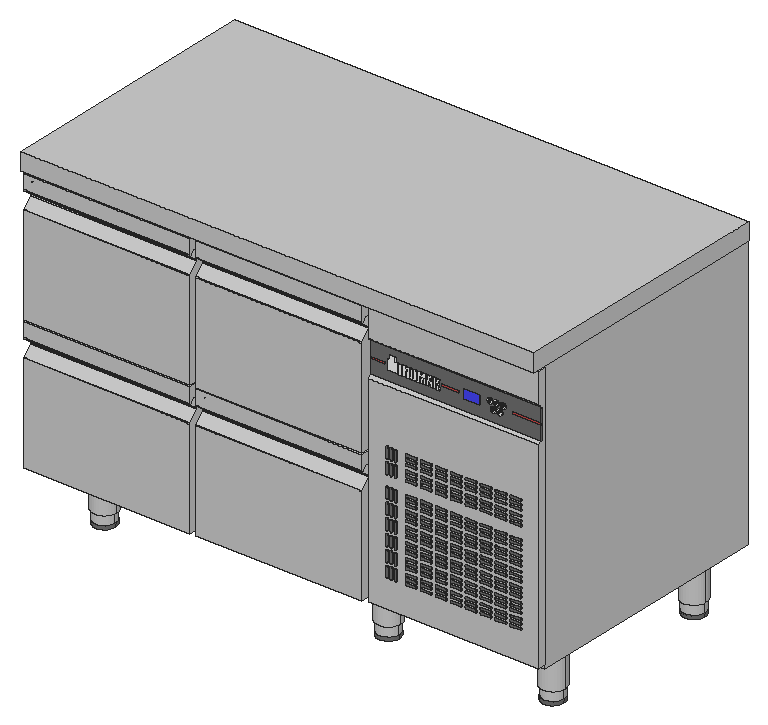
Revit family "QF_INOMAK_PNRP99_250611032759", category Specialty Equipment, Revit 2021 (continued)
Definition of nested family "QF_INOMAK_REF_COUNTERS_DOORS_DRAWERS_16448"
  Definition of nested family "4_Drawers_1-4"
    Forms (mm)
      Extrusion 3, solid, visible <- "4 Drawers", detail levels coarse
        sketch origin (0, -700, 154) x (-1, 0, 0) y (0, 1, 0)
          loop
            line (-35, 10) -> (-1165, 10) -> (-1165, -565) -> (-35, -565) -> (-35, 10)
        from 0 to -219.583
      Extrusion 4, solid, material <- "Finish", visible <- "4 Drawers"
        sketch origin (35, 0, -440.333) x (0, -1, 0) y (0, 0, 1)
          loop
            line (680, 813.917) -> (670, 813.917) -> (670, 594.333) -> (690, 594.333) -> (690, 757.761)
            arc (690, 757.761) -> (689.115, 763.644) -> (686.539, 769.007) r 20
            line (686.539, 769.007) -> (673, 788.917) -> (673, 810.917) -> (680, 810.917)
            arc (680, 810.917) -> (684.95, 808.866) -> (687, 803.917) r 7
            line (687, 803.917) -> (687, 798.904) -> (690, 798.904) -> (690, 803.917)
            arc (690, 803.917) -> (687.071, 810.988) -> (680, 813.917) r 10
        from 0 to -1130
      Extrusion 5, solid, material <- "Finish", visible <- "4 Drawers"
        sketch origin (35, 0, -165.333) x (0, -1, 0) y (0, 0, 1)
          loop
            line (680, 987.75) -> (670, 987.75) -> (670, 767.167) -> (690, 767.167) -> (690, 931.594)
            arc (690, 931.594) -> (689.115, 937.478) -> (686.539, 942.84) r 20
            line (686.539, 942.84) -> (673, 962.75) -> (673, 984.75) -> (680, 984.75)
            arc (680, 984.75) -> (684.95, 982.7) -> (687, 977.75) r 7
            line (687, 977.75) -> (687, 972.738) -> (690, 972.738) -> (690, 977.75)
            arc (690, 977.75) -> (687.071, 984.821) -> (680, 987.75) r 10
        from 0 to -1130
      Extrusion 6, solid, material <- "Finish", visible <- "4 Drawers"
        sketch origin (35, 0, -330.333) x (0, -1, 0) y (0, 0, 1)
          loop
            line (680, 928.5) -> (670, 928.5) -> (670, 708.25) -> (690, 708.25) -> (690, 872.344)
            arc (690, 872.344) -> (689.115, 878.228) -> (686.539, 883.59) r 20
            line (686.539, 883.59) -> (673, 903.5) -> (673, 925.5) -> (680, 925.5)
            arc (680, 925.5) -> (684.95, 923.45) -> (687, 918.5) r 7
            line (687, 918.5) -> (687, 913.488) -> (690, 913.488) -> (690, 918.5)
            arc (690, 918.5) -> (687.071, 925.571) -> (680, 928.5) r 10
        from 0 to -1130
      Extrusion 7, solid, visible <- "4 Drawers", detail levels coarse
        sketch origin (0, -500.463, 601.833) x (0, 1, 0) y (-1, 0, 0)
          loop
            line (-189.537, -35) -> (-764.537, -35) -> (-764.537, -1165) -> (-189.537, -1165) -> (-189.537, -35)
        from 0 to 220.583
      Extrusion 8, solid, visible <- "4 Drawers", detail levels coarse
        sketch origin (0, -540.463, 377.917) x (0, 1, 0) y (-1, 0, 0)
          loop
            line (-149.537, -35) -> (-724.537, -35) -> (-724.537, -1165) -> (-149.537, -1165) -> (-149.537, -35)
        from 0 to 220.25
    Lines and regions (mm)
      symbolic lines, visible <- "4 Drawers"
        curve 1: line (35, -945, 900) -> (35, -985, 900)
        curve 2: line (35, -985, 900) -> (1165, -985, 900)
        curve 3: line (1165, -985, 900) -> (1165, -945, 900)
        curve 4: line (1165, -945, 900) -> (35, -945, 900)
        curve 5: line (1135, -945, 900) -> (1135, -845, 900)
        curve 6: line (65, -945, 900) -> (65, -845, 900)
        curve 7: line (35, -1085, 900) -> (35, -1125, 900)
        curve 8: line (35, -1125, 900) -> (1165, -1125, 900)
        curve 9: line (1165, -1125, 900) -> (1165, -1085, 900)
        curve 10: line (1165, -1085, 900) -> (35, -1085, 900)
        curve 11: line (1135, -1085, 900) -> (1135, -985, 900)
        curve 12: line (65, -1085, 900) -> (65, -985, 900)
        curve 13: line (35, -1225, 900) -> (35, -1265, 900)
        curve 14: line (35, -1265, 900) -> (1165, -1265, 900)
        curve 15: line (1165, -1265, 900) -> (1165, -1225, 900)
        curve 16: line (1165, -1225, 900) -> (35, -1225, 900)
        curve 17: line (1135, -1225, 900) -> (1135, -1125, 900)
        curve 18: line (65, -1225, 900) -> (65, -1125, 900)
        curve 19: line (35, -805, 900) -> (35, -845, 900)
        curve 20: line (35, -845, 900) -> (1165, -845, 900)
        curve 21: line (1165, -845, 900) -> (1165, -805, 900)
        curve 22: line (1165, -805, 900) -> (35, -805, 900)
        curve 23: line (65, -805, 900) -> (65, -700, 900)
        curve 24: line (1135, -805, 900) -> (1135, -700, 900)
    Dimensions and locks
      "Length Actual": plane 3 "Left" to plane 4 "Right"
      "Depth Actual": plane 5 "Front" to plane 1 "Back"
      "Height Actual": plane 6 "Top" to plane 8 "Legs top"
      "Front inset": plane 7 "Front legs" to plane 5 "Front"
      "Plinth height": plane 8 "Legs top" to plane 2
      "Rear inset": plane 9 "Backsplash thickness" to plane 1 "Back"
      "Right panel thickness": plane 11 "Right panel" to plane 4 "Right"
      "Left panel thickness": plane 3 "Left" to plane 10 "Left panel"
      locked: plane 14 to plane 15 at 3.667
      equal spacing: plane 14, plane 12, plane 15
      locked: plane 23 to plane 24 at 3.667
      equal spacing: plane 23, plane 22, plane 24
      "Bottom inset": plane 20 to plane 8 "Legs top"
      equal spacing: plane 19, plane 17, plane 18
      locked: plane 19 to plane 18 at 4.333
      equal spacing: plane 21, plane 17, plane 22, plane 12, plane 16
      locked: plane 13 to plane 16 at 2.5
      "Top inset": plane 13 to plane 6 "Top"
      locked: plane 21 to plane 20 at 2.5
      aligned and locked: level to plane 2
      aligned and locked: plane 7 "Front legs" to Extrusion 1 sketch curve  (x2)
      aligned and locked: Extrusion 1 to plane 11 "Right panel"
      aligned and locked: Extrusion 1 sketch curve to plane 13
      aligned and locked: Extrusion 1 sketch curve to plane 14
      aligned and locked: plane 10 "Left panel" to curve 1
      aligned and locked: plane 10 "Left panel" to curve 7
      aligned and locked: plane 10 "Left panel" to curve 13
      aligned and locked: Extrusion 2 sketch curve to plane 10 "Left panel"
      aligned and locked: plane 11 "Right panel" to Extrusion 2 sketch curve
      aligned and locked: Extrusion 3 sketch curve to plane 10 "Left panel"
      aligned and locked: plane 11 "Right panel" to Extrusion 3 sketch curve
      aligned and locked: Extrusion 2 to plane 13
      aligned and locked: Extrusion 3 to plane 19
      aligned and locked: plane 20 to Extrusion 4 sketch curve
      aligned and locked: Extrusion 4 to plane 11 "Right panel"
      aligned and locked: Extrusion 5 sketch curve to plane 15
      aligned and locked: plane 7 "Front legs" to Extrusion 5 sketch curve
      aligned and locked: Extrusion 5 sketch curve to plane 23
      aligned and locked: Extrusion 6 sketch curve to plane 24
      aligned and locked: plane 7 "Front legs" to Extrusion 6 sketch curve
      aligned and locked: Extrusion 6 sketch curve to plane 18
      aligned and locked: Extrusion 7 to plane 15
      aligned and locked: Extrusion 8 to plane 24
      aligned and locked: Extrusion 5 to plane 11 "Right panel"
      aligned and locked: Extrusion 6 to plane 11 "Right panel"
    Automatic sketch dimensions
      Extrusion 1 sketch curve to Extrusion 1 sketch curve = 0 mm  (x2)
      plane 7 "Front legs" to Extrusion 1 sketch curve = 3 mm
      plane 7 "Front legs" to Extrusion 1 sketch curve = 3.461 mm
      plane 7 "Front legs" to Extrusion 1 sketch curve = 10 mm
      Extrusion 1 sketch curve to Extrusion 1 sketch curve = 7 mm
      plane 7 "Front legs" to Extrusion 1 sketch curve = 20 mm  (x2)
      Extrusion 1 sketch curve to Extrusion 1 sketch curve = 46.156 mm
      Extrusion 1 sketch curve to Extrusion 1 sketch curve = 15 mm
      Extrusion 1 sketch curve to Extrusion 1 sketch curve = 5.012 mm
      Extrusion 2 sketch curve to plane 7 "Front legs" = 0 mm
      Extrusion 2 sketch curve to plane 5 "Front" = 565 mm
      Extrusion 3 sketch curve to plane 7 "Front legs" = 0 mm
      Extrusion 3 sketch curve to plane 5 "Front" = 565 mm
      Extrusion 5 sketch curve to Extrusion 5 sketch curve = 0 mm  (x2)
      Extrusion 5 sketch curve to plane 7 "Front legs" = 0 mm
      plane 7 "Front legs" to Extrusion 5 sketch curve = 3 mm
      plane 7 "Front legs" to Extrusion 5 sketch curve = 3.461 mm
      plane 7 "Front legs" to Extrusion 5 sketch curve = 10 mm
      Extrusion 5 sketch curve to Extrusion 5 sketch curve = 7 mm
      plane 7 "Front legs" to Extrusion 5 sketch curve = 20 mm  (x2)
      Extrusion 5 sketch curve to Extrusion 5 sketch curve = 46.156 mm
      Extrusion 5 sketch curve to Extrusion 5 sketch curve = 15 mm
      Extrusion 5 sketch curve to Extrusion 5 sketch curve = 5.012 mm
      Extrusion 6 sketch curve to Extrusion 6 sketch curve = 0 mm  (x2)
      Extrusion 6 sketch curve to plane 7 "Front legs" = 0 mm
      plane 7 "Front legs" to Extrusion 6 sketch curve = 3 mm
      plane 7 "Front legs" to Extrusion 6 sketch curve = 3.461 mm
      plane 7 "Front legs" to Extrusion 6 sketch curve = 10 mm
      Extrusion 6 sketch curve to Extrusion 6 sketch curve = 7 mm
      plane 7 "Front legs" to Extrusion 6 sketch curve = 20 mm  (x2)
      Extrusion 6 sketch curve to Extrusion 6 sketch curve = 46.156 mm
      Extrusion 6 sketch curve to Extrusion 6 sketch curve = 15 mm
      Extrusion 6 sketch curve to Extrusion 6 sketch curve = 5.012 mm
      curve 14 to plane 11 "Right panel" = 0 mm
      curve 8 to plane 11 "Right panel" = 0 mm
      curve 2 to plane 11 "Right panel" = 0 mm
      curve 21 to plane 11 "Right panel" = 0 mm
      curve 20 to plane 10 "Left panel" = 0 mm
      curve 23 to plane 5 "Front" = 0 mm
      curve 24 to plane 5 "Front" = 0 mm
      curve 21 to plane 5 "Front" = 105 mm
      curve 20 to curve 21 = 40 mm
      curve 3 to curve 20 = 100 mm
      curve 3 to curve 3 = 40 mm
      curve 10 to curve 1 = 100 mm
      curve 9 to curve 9 = 40 mm
      curve 15 to curve 8 = 100 mm
      curve 15 to curve 15 = 40 mm
      plane 11 "Right panel" to curve 24 = 30 mm
      curve 8 to curve 17 = 30 mm
      curve 11 to curve 17 = 0 mm
      curve 23 to plane 10 "Left panel" = 30 mm
      curve 12 to curve 6 = 0 mm
      curve 18 to curve 12 = 0 mm
      Extrusion 4 sketch curve to Extrusion 4 sketch curve = 0 mm  (x2)
      plane 19 to Extrusion 4 sketch curve = 0 mm
      Extrusion 4 sketch curve to plane 7 "Front legs" = 0 mm  (x2)
      plane 7 "Front legs" to Extrusion 4 sketch curve = 3 mm
      plane 7 "Front legs" to Extrusion 4 sketch curve = 3.461 mm
      plane 7 "Front legs" to Extrusion 4 sketch curve = 10 mm
      Extrusion 4 sketch curve to Extrusion 4 sketch curve = 7 mm
      plane 7 "Front legs" to Extrusion 4 sketch curve = 20 mm  (x2)
      Extrusion 4 sketch curve to Extrusion 4 sketch curve = 46.156 mm
      Extrusion 4 sketch curve to Extrusion 4 sketch curve = 15 mm
      Extrusion 4 sketch curve to Extrusion 4 sketch curve = 5.012 mm
      Extrusion 7 sketch curve to plane 10 "Left panel" = 0 mm
      Extrusion 7 sketch curve to plane 11 "Right panel" = 0 mm
      Extrusion 7 sketch curve to plane 7 "Front legs" = 0 mm
      Extrusion 7 sketch curve to plane 5 "Front" = 565 mm
      Extrusion 8 sketch curve to plane 10 "Left panel" = 0 mm
      Extrusion 8 sketch curve to plane 11 "Right panel" = 0 mm
      Extrusion 8 sketch curve to plane 7 "Front legs" = 0 mm
      Extrusion 8 sketch curve to plane 5 "Front" = 565 mm
      curve 6 to plane 10 "Left panel" = 30 mm
      curve 5 to curve 24 = 0 mm
  Definition of nested family "Hinged_Doors"
    Parameters (values of type "Hinged doors")
      URL = "www.specifiglobal.com"
      Top inset [instance] = 4 mm
      Right panel thickness [instance] = 35 mm
      Rear inset [instance] = 10 mm
      Plinth height [instance] = 150 mm
      Model = ""
      Manufacturer = "DEMO CONSULTANT"
      Length Actual [instance] = 1200 mm
      Left panel thickness [instance] = 35 mm
      Hinged doors [instance] = Doors drawers type = 3  # yes
      Height Actual [instance] = 900 mm
      Front inset [instance] = 10 mm
      Finish [instance] = none
      Doors drawers type [instance] = 3
      Description = ""
      Depth Actual [instance] = 700 mm
      Default Elevation = 0 mm
      Bottom inset [instance] = 4 mm
      Assembly Code = "E1090320"
    Reference planes
      plane 1 "Back": y = 0
      plane 2: z = 0
      plane 3 "Left": x = 0
      plane 4 "Right": x = 1200
      plane 5 "Front": y = -700
      plane 6 "Top": z = 1050
      plane 7 "Front legs": y = -690
      plane 8 "Legs top": z = 150
      plane 9 "Backsplash thickness": y = -10
      plane 10: x = 35
      plane 11: x = 1165
      plane 12 "Center Left-Right": x = 600
      plane 13: x = 597.5
      plane 14: x = 602.5
      plane 15: z = 154
      plane 16: z = 1046
    Forms (mm)
      Extrusion 1, solid, material <- "Finish", visible <- "Hinged doors"
        sketch origin (35, -2307.849, 4000) x (0, -1, 0) y (0, 0, 1)
          loop
            line (-1627.849, -2954) -> (-1637.849, -2954) -> (-1637.849, -3846) -> (-1617.849, -3846) -> (-1617.849, -3010.156)
            arc (-1617.849, -3010.156) -> (-1618.734, -3004.272) -> (-1621.31, -2998.91) r 20
            line (-1621.31, -2998.91) -> (-1634.849, -2979) -> (-1634.849, -2957) -> (-1627.849, -2957)
            arc (-1627.849, -2957) -> (-1622.899, -2959.05) -> (-1620.849, -2964) r 7
            line (-1620.849, -2964) -> (-1620.849, -2969.012) -> (-1617.849, -2969.012) -> (-1617.849, -2964)
            arc (-1617.849, -2964) -> (-1620.778, -2956.929) -> (-1627.849, -2954) r 10
        from 0 to -562.5
      Extrusion 2, solid, visible <- "Hinged doors", detail levels coarse
        sketch origin (0, -700, 154) x (-1, 0, 0) y (0, 1, 0)
          loop
            line (-35, 10) -> (-597.5, 10)
            arc (-597.5, 10) -> (-432.748, -387.748) -> (-35, -552.5) r 562.5
            line (-35, -552.5) -> (-35, 10)
        from 0 to -892
      Extrusion 3, solid, material <- "Finish", visible <- "Hinged doors"
        sketch origin (1165, -2312.576, 4000) x (0, -1, 0) y (0, 0, 1)
          loop
            line (-1632.576, -2954) -> (-1642.576, -2954) -> (-1642.576, -3846) -> (-1622.576, -3846) -> (-1622.576, -3010.156)
            arc (-1622.576, -3010.156) -> (-1623.46, -3004.272) -> (-1626.037, -2998.91) r 20
            line (-1626.037, -2998.91) -> (-1639.576, -2979) -> (-1639.576, -2957) -> (-1632.576, -2957)
            arc (-1632.576, -2957) -> (-1627.626, -2959.05) -> (-1625.576, -2964) r 7
            line (-1625.576, -2964) -> (-1625.576, -2969.012) -> (-1622.576, -2969.012) -> (-1622.576, -2964)
            arc (-1622.576, -2964) -> (-1625.504, -2956.929) -> (-1632.576, -2954) r 10
        from 0 to 562.5
      Extrusion 4, solid, visible <- "Hinged doors", detail levels coarse
        sketch origin (0, -700, 154) x (-1, 0, 0) y (0, 1, 0)
          loop
            line (-1165, 10) -> (-1165, -552.5)
            arc (-1165, -552.5) -> (-767.252, -387.748) -> (-602.5, 10) r 562.5
            line (-602.5, 10) -> (-1165, 10)
        from 0 to -892
    Lines and regions (mm)
      symbolic lines, visible <- "Hinged doors"
        curve 1: line (35, -700, 150) -> (35, -1252.5, 150)
        curve 2: arc (35, -1252.5, 150) -> (429.196, -1091.268, 150) -> (597.411, -700, 150) r 562.5
        curve 3: arc (602.589, -700, 150) -> (770.804, -1091.268, 150) -> (1165, -1252.5, 150) r 562.5
        curve 4: line (1165, -1252.5, 150) -> (1165, -700, 150)
    Dimensions and locks
      "Length Actual": plane 3 "Left" to plane 4 "Right"
      "Depth Actual": plane 5 "Front" to plane 1 "Back"
      "Height Actual": plane 6 "Top" to plane 8 "Legs top"
      "Front inset": plane 7 "Front legs" to plane 5 "Front"
      "Plinth height": plane 8 "Legs top" to plane 2
      "Rear inset": plane 9 "Backsplash thickness" to plane 1 "Back"
      "Right panel thickness": plane 11 to plane 4 "Right"
      "Left panel thickness": plane 3 "Left" to plane 10
      equal spacing: plane 10, plane 12 "Center Left-Right", plane 11
      plane 13 to plane 12 "Center Left-Right" = 2.5 mm
      plane 12 "Center Left-Right" to plane 14 = 2.5 mm
      "Bottom inset": plane 15 to plane 8 "Legs top"
      "Top inset": plane 16 to plane 6 "Top"
      aligned and locked: level to plane 2
      aligned and locked: Extrusion 1 to plane 13
      aligned and locked: plane 10 to Extrusion 2 sketch curve
      aligned and locked: plane 13 to Extrusion 2 sketch curve
      aligned and locked: plane 7 "Front legs" to Extrusion 2 sketch curve  (x2)
      aligned and locked: plane 14 to Extrusion 3
      aligned and locked: Extrusion 2 to curve 1
      aligned and locked: curve 2 to Extrusion 2
      aligned and locked: curve 3 to Extrusion 4
      aligned and locked: curve 4 to Extrusion 4
      aligned and locked: plane 5 "Front" to curve 1
      aligned and locked: plane 5 "Front" to curve 2
      aligned and locked: plane 5 "Front" to curve 3
      aligned and locked: plane 5 "Front" to curve 4
      aligned and locked: Extrusion 4 to plane 16
      aligned and locked: Extrusion 2 to plane 16
      aligned and locked: Extrusion 1 sketch curve to plane 16
      aligned and locked: Extrusion 1 sketch curve to plane 15
      aligned and locked: Extrusion 3 sketch curve to plane 15
      aligned and locked: Extrusion 3 sketch curve to plane 16
    Automatic sketch dimensions
      Extrusion 1 sketch curve to Extrusion 1 sketch curve = 0 mm  (x2)
      Extrusion 1 sketch curve to plane 7 "Front legs" = 0 mm  (x2)
      plane 7 "Front legs" to Extrusion 1 sketch curve = 3 mm
      plane 7 "Front legs" to Extrusion 1 sketch curve = 3.461 mm
      plane 7 "Front legs" to Extrusion 1 sketch curve = 10 mm
      Extrusion 1 sketch curve to Extrusion 1 sketch curve = 7 mm
      plane 7 "Front legs" to Extrusion 1 sketch curve = 20 mm  (x2)
      Extrusion 1 sketch curve to Extrusion 1 sketch curve = 46.156 mm
      Extrusion 1 sketch curve to Extrusion 1 sketch curve = 15 mm
      Extrusion 1 sketch curve to Extrusion 1 sketch curve = 5.012 mm
      Extrusion 3 sketch curve to Extrusion 3 sketch curve = 0 mm  (x2)
      Extrusion 3 sketch curve to plane 7 "Front legs" = 0 mm  (x2)
      Extrusion 3 sketch curve to Extrusion 3 sketch curve = 3 mm
      plane 7 "Front legs" to Extrusion 3 sketch curve = 3.461 mm
      plane 7 "Front legs" to Extrusion 3 sketch curve = 10 mm
      Extrusion 3 sketch curve to Extrusion 3 sketch curve = 7 mm
      Extrusion 3 sketch curve to Extrusion 3 sketch curve = 16.539 mm
      Extrusion 3 sketch curve to Extrusion 3 sketch curve = 20 mm
      Extrusion 3 sketch curve to Extrusion 3 sketch curve = 46.156 mm
      Extrusion 3 sketch curve to Extrusion 3 sketch curve = 15 mm
      Extrusion 3 sketch curve to Extrusion 3 sketch curve = 5.012 mm
      Extrusion 4 sketch curve to plane 11 = 0 mm
      Extrusion 4 sketch curve to plane 7 "Front legs" = 0 mm
      Extrusion 4 sketch curve to plane 14 = 0 mm
  Definition of nested family "Hopper"
    Parameters (values of type "Hopper")
      URL = "www.specifiglobal.com"
      Top inset [instance] = 4 mm
      Right panel thickness [instance] = 35 mm
      Rear inset [instance] = 10 mm
      Plinth height [instance] = 150 mm
      Model = ""
      Manufacturer = "DEMO CONSULTANT"
      Length Actual [instance] = 700 mm
      Left panel thickness [instance] = 35 mm
      Hopper [instance] = Doors drawers type = 10  # yes
      Height Actual [instance] = 900 mm
      Front inset [instance] = 10 mm
      Finish [instance] = none
      Doors drawers type [instance] = 10
      Description = ""
      Depth Actual [instance] = 700 mm
      Default Elevation = 0 mm
      Bottom inset [instance] = 4 mm
      Assembly Code = "E1090320"
      2 Drawers = yes
    Reference planes
      plane 1 "Back": y = 0
      plane 2: z = 0
      plane 3 "Left": x = 0
      plane 4 "Right": x = 700
      plane 5 "Front": y = -700
      plane 6 "Top": z = 1050
      plane 7 "Front legs": y = -690
      plane 8 "Legs top": z = 150
      plane 9 "Backsplash thickness": y = -10
      plane 10 "Left panel": x = 35
      plane 11 "Right panel": x = 665
      plane 12: z = 1046
      plane 13: z = 154
    Forms (mm)
      Extrusion 1, solid, material <- "Finish", visible <- "Hopper"
        sketch origin (35, 0, 0) x (0, -1, 0) y (0, 0, 1)
          loop
            line (690, 154) -> (690, 960.365)
            arc (690, 960.365) -> (689.866, 961.037) -> (689.485, 961.607) r 1.757
            line (689.485, 961.607) -> (666.663, 984.429)
            arc (666.663, 984.429) -> (665.976, 985.458) -> (665.734, 986.672) r 3.172
            line (665.734, 986.672) -> (665.734, 1013.576)
            arc (665.734, 1013.576) -> (666.433, 1015.262) -> (668.119, 1015.961) r 2.385
            line (668.119, 1015.961) -> (680.029, 1015.961) -> (686.544, 1006.657)
            arc (686.544, 1006.657) -> (688.671, 1005.935) -> (690, 1007.747) r 1.9
            line (690, 1007.747) -> (690, 1046) -> (648, 1046) -> (648, 154) -> (690, 154)
        from 0 to -630
      Extrusion 2, solid, visible <- "Hopper", detail levels coarse
        sketch origin (35, 0, 0) x (0, -1, 0) y (0, 0, 1)
          loop
            line (690, 154) -> (1265, 154) -> (1265, 1046) -> (690, 1046) -> (690, 154)
        from 0 to -630
    Lines and regions (mm)
      symbolic lines, visible <- "Hopper"
        curve 1: line (35, -1225, 900) -> (35, -1265, 900)
        curve 2: line (35, -1265, 900) -> (665, -1265, 900)
        curve 3: line (665, -1265, 900) -> (665, -1225, 900)
        curve 4: line (665, -1225, 900) -> (35, -1225, 900)
        curve 5: line (635, -1225, 900) -> (635, -700, 900)
        curve 6: line (65, -1225, 900) -> (65, -700, 900)
    Dimensions and locks
      "Length Actual": plane 3 "Left" to plane 4 "Right"
      "Depth Actual": plane 5 "Front" to plane 1 "Back"
      "Height Actual": plane 6 "Top" to plane 8 "Legs top"
      "Front inset": plane 7 "Front legs" to plane 5 "Front"
      "Plinth height": plane 8 "Legs top" to plane 2
      "Rear inset": plane 9 "Backsplash thickness" to plane 1 "Back"
      "Right panel thickness": plane 11 "Right panel" to plane 4 "Right"
      "Left panel thickness": plane 3 "Left" to plane 10 "Left panel"
      "Top inset": plane 12 to plane 6 "Top"
      "Bottom inset": plane 13 to plane 8 "Legs top"
      aligned and locked: level to plane 2
      aligned and locked: Extrusion 1 to plane 11 "Right panel"
      aligned and locked: Extrusion 2 to plane 11 "Right panel"
      aligned and locked: plane 10 "Left panel" to Extrusion 2
      aligned and locked: Extrusion 1 sketch curve to plane 12
      aligned and locked: Extrusion 1 sketch curve to Extrusion 2
      aligned and locked: Extrusion 1 sketch curve to plane 13
    Automatic sketch dimensions
      Extrusion 1 sketch curve to Extrusion 1 sketch curve = 17.734 mm
      Extrusion 1 sketch curve to Extrusion 1 sketch curve = 0.929 mm
      Extrusion 1 sketch curve to Extrusion 1 sketch curve = 2.385 mm
      Extrusion 1 sketch curve to Extrusion 1 sketch curve = 3.172 mm
      Extrusion 1 sketch curve to Extrusion 1 sketch curve = 11.91 mm
      Extrusion 1 sketch curve to Extrusion 1 sketch curve = 6.515 mm
      Extrusion 1 sketch curve to Extrusion 1 sketch curve = 1.556 mm
      Extrusion 1 sketch curve to Extrusion 1 sketch curve = 21.58 mm
      Extrusion 1 sketch curve to Extrusion 1 sketch curve = 1.242 mm
      Extrusion 1 sketch curve to Extrusion 1 sketch curve = 1.9 mm
      Extrusion 1 sketch curve to Extrusion 1 sketch curve = 0.515 mm
      Extrusion 1 sketch curve to Extrusion 1 sketch curve = 22.822 mm
      Extrusion 1 sketch curve to Extrusion 1 sketch curve = 19.985 mm
      Extrusion 1 sketch curve to Extrusion 1 sketch curve = 6.919 mm
      Extrusion 1 sketch curve to Extrusion 1 sketch curve = 30.039 mm
      Extrusion 2 sketch curve to plane 7 "Front legs" = 0 mm
      plane 13 to Extrusion 2 sketch curve = 0 mm
      plane 12 to Extrusion 2 sketch curve = 0 mm
      Extrusion 2 sketch curve to plane 5 "Front" = 565 mm
      curve 1 to plane 10 "Left panel" = 0 mm
      curve 2 to plane 11 "Right panel" = 0 mm
      curve 6 to plane 5 "Front" = 0 mm
      curve 5 to plane 5 "Front" = 0 mm
      curve 4 to plane 5 "Front" = 525 mm
      curve 3 to curve 3 = 40 mm
      plane 11 "Right panel" to curve 5 = 30 mm
      curve 6 to plane 10 "Left panel" = 30 mm
Definition of nested family "QF_INOMAK_REF_COUNTERS_WORKTOPS_25919"
  Parameters (values of type "WTWA-1545-700")
    Worktop without backsplash [instance] = Worktop type = 3  # no
    Worktop with backsplash [instance] = Worktop type = 2  # yes
    Worktop type [instance] = 2
    Worktop thickness [instance] = 46 mm
    Without worktop [instance] = or(Worktop type > 3, Worktop type < 2)  # no
    Weight [instance] = 0.00 kg
    Warranty Start Date [instance] = ""
    Warranty Duration [instance] = ""
    URL Cutsheet [instance] = ""
    URL = "www.inomak.com"
    Technical Documentation [instance] = ""
    Tag Number [instance] = ""
    Status [instance] = ""
    Specification by User [instance] = ""
    Specification by Manufacturer [instance] = ""
    Sound Level [instance] = ""
    Solid Fuel Type [instance] = ""
    Show Logo [instance] = yes
    Show Clearances [instance] = yes
    Service Life Duration [instance] = ""
    Serial Number [instance] = ""
    Seismic Rating [instance] = ""
    SMACNA No [instance] = ""
    Revision Code [instance] = ""
    Revision [instance] = ""
    Production Year [instance] = ""
    Point Load [instance] = 0
    Other Equipment Approvals [instance] = ""
    NAFEM Spec ID Number [instance] = ""
    Model Warning [instance] = ""
    Model = "WTWA"
    Masterspec [instance] = ""
    Manufacturer = "INOMAK"
    Length Actual [instance] = 1546 mm
    Item Number [instance] = ""
    Installed By [instance] = ""
    Installation Date [instance] = ""
    Identify Quantity as Lot [instance] = yes
    ID [instance] = ""
    Hygiene Approval [instance] = ""
    Height Actual [instance] = 0 mm
    Height AFF [instance] = 0 mm
    Furnished By [instance] = ""
    Foodservice Equipment Identifier [instance] = yes
    Finish [instance] = none
    ETL Approved [instance] = yes
    Description = "WORKTOP WITH UPSTAND"
    Depth Actual [instance] = 700 mm
    Default Elevation = 0 mm
    CSI MasterFormat [instance] = ""
    CE Approved [instance] = yes
    Barcode [instance] = ""
    Backsplash thickness [instance] = 20 mm
    Backsplash height [instance] = 60 mm
    Author [instance] = ""
    Asset Identifier [instance] = ""
    Assembly Code = "E1090320"
    Accessory [instance] = yes
  Types (40, lengths in mm): name | Worktop without backsplash | Worktop with backsplash | Worktop type | Worktop thickness | Without worktop | Model | Length Actual | Description | Depth Actual
    WTWT-2240-700 | yes | no | 3 | 46 | no | "WTWT" | 2242 | "STANDARD WORKTOP" | 700
    WTWA-2240-700 | no | yes | 2 | 46 | no | "WTWA" | 2242 | "WORKTOP WITH UPSTAND" | 700
    WOWT-2240-700 | no | no | 1 | 46 | yes | "WOWT" | 2242 | "WITHOUT WORKTOP" | 700
    WTWA-1790-700 | no | yes | 2 | 46 | no | "WTWA" | 1792 | "WORKTOP WITH UPSTAND" | 700
    WTWA-1345-700 | no | yes | 2 | 46 | no | "WTWA" | 1342 | "WORKTOP WITH UPSTAND" | 700
    WOWT-1790-700 | no | no | 1 | 46 | yes | "WOWT" | 1792 | "WITHOUT WORKTOP" | 700
    WOWT-1345-700 | no | no | 1 | 46 | yes | "WOWT" | 1342 | "WITHOUT WORKTOP" | 700
    WTWT-1790-700 | yes | no | 3 | 46 | no | "WTWT" | 1792 | "STANDARD WORKTOP" | 700
    WTWT-1345-700 | yes | no | 3 | 46 | no | "WTWT" | 1342 | "STANDARD WORKTOP" | 700
    WTWA-1080-700 | no | yes | 2 | 46 | no | "WTWA" | 1080 | "WORKTOP WITH UPSTAND" | 700
    WTWT-1080-700 | yes | no | 3 | 46 | no | "WTWT" | 1080 | "STANDARD WORKTOP" | 700
    WTWA-1080-700-80 | no | yes | 2 | 80 | no | "WTWA-80" | 1080 | "WORKTOP WITH UPSTAND, 80CM DEEP WORKTOP" | 700
    WTWT-1080-700-80 | yes | no | 3 | 80 | no | "WTWT-80" | 1080 | "WORKTOP WITH 80CM DEEP" | 700
    WOWT-1345-600 | no | no | 1 | 46 | yes | "WOWT" | 1342 | "WITHOUT WORKTOP" | 600
    WOWT-1790-600 | no | no | 1 | 46 | yes | "WOWT" | 1792 | "WITHOUT WORKTOP" | 600
    WOWT-2240-600 | no | no | 1 | 46 | yes | "WOWT" | 2242 | "WITHOUT WORKTOP" | 600
    WTWA-1345-600 | no | yes | 2 | 46 | no | "WTWA" | 1342 | "WORKTOP WITH UPSTAND" | 600
    WTWA-1790-600 | no | yes | 2 | 46 | no | "WTWA" | 1792 | "WORKTOP WITH UPSTAND" | 600
    WTWA-2240-600 | no | yes | 2 | 46 | no | "WTWA" | 2242 | "WORKTOP WITH UPSTAND" | 600
    WTWT-1345-600 | yes | no | 3 | 46 | no | "WTWT" | 1342 | "STANDARD WORKTOP" | 600
    WTWT-1790-600 | yes | no | 3 | 46 | no | "WTWT" | 1792 | "STANDARD WORKTOP" | 600
    WTWT-2240-600 | yes | no | 3 | 46 | no | "WTWT" | 2242 | "STANDARD WORKTOP" | 600
    WOWT-1105-700 | no | no | 1 | 46 | yes | "WOWT" | 1103 | "WITHOUT WORKTOP" | 700
    WTWA-1105-700 | no | yes | 2 | 46 | no | "WTWA" | 1103 | "WORKTOP WITH UPSTAND" | 700
    WTWT-1105-700 | yes | no | 3 | 46 | no | "WTWT" | 1103 | "STANDARD WORKTOP" | 700
    WOWT-1545-700 | no | no | 1 | 46 | yes | "WOWT" | 1546 | "WITHOUT WORKTOP" | 700
    WOWT-1995-700 | no | no | 1 | 46 | yes | "WOWT" | 1996 | "WITHOUT WORKTOP" | 700
    WTWA-1545-700 | no | yes | 2 | 46 | no | "WTWA" | 1546 | "WORKTOP WITH UPSTAND" | 700
    WTWA-1995-700 | no | yes | 2 | 46 | no | "WTWA" | 1996 | "WORKTOP WITH UPSTAND" | 700
    WTWT-1545-700 | yes | no | 3 | 46 | no | "WTWT" | 1546 | "STANDARD WORKTOP" | 700
    WTWT-1995-700 | yes | no | 3 | 46 | no | "WTWT" | 1996 | "STANDARD WORKTOP" | 700
    WTWA-1105-600 | no | yes | 2 | 46 | no | "WTWA" | 1103 | "WORKTOP WITH UPSTAND" | 600
    WTWT-1105-600 | yes | no | 3 | 46 | no | "WTWT" | 1103 | "STANDARD WORKTOP" | 600
    WOWT-1105-600 | no | no | 1 | 46 | yes | "WOWT" | 1103 | "WITHOUT WORKTOP" | 600
    WOWT-1545-600 | no | no | 1 | 46 | yes | "WOWT" | 1546 | "WITHOUT WORKTOP" | 600
    WTWA-1545-600 | no | yes | 2 | 46 | no | "WTWA" | 1546 | "WORKTOP WITH UPSTAND" | 600
    WTWT-1545-600 | yes | no | 3 | 46 | no | "WTWT" | 1546 | "STANDARD WORKTOP" | 600
    WTWT-1995-600 | yes | no | 3 | 46 | no | "WTWT" | 1996 | "STANDARD WORKTOP" | 600
    WTWA-1995-600 | no | yes | 2 | 46 | no | "WTWA" | 1996 | "WORKTOP WITH UPSTAND" | 600
    WOWT-1995-600 | no | no | 1 | 46 | yes | "WOWT" | 1996 | "WITHOUT WORKTOP" | 600
  Reference planes
    plane 1 "Back": y = 0
    plane 2: z = 0
    plane 3 "Left": x = 0
    plane 4 "Right": x = 1546
    plane 5 "Front": y = -700
    plane 6 "Top": z = 46
    plane 7 "Backsplash thickness": y = -20
    plane 8 "Worktop bottom": z = 0
    plane 9 "Upright height": z = 106
    plane 10 "Center Left Right": x = 773
  Lines and regions (mm)
    reference lines
      curve 1: line (773, 0, 106) -> (773, -20, 106)
      curve 2: line (0, -700, 46) -> (1546, -700, 46)
      curve 3: line (1546, -700, 46) -> (1546, 0, 46)
      curve 4: line (0, -700, 46) -> (0, 0, 46)
      curve 5: line (0, 0, 46) -> (1546, 0, 46)
      curve 6: line (773, 0, 0) -> (773, -700, 0)
  Dimensions and locks
    "Length Actual": plane 3 "Left" to plane 4 "Right"
    "Depth Actual": plane 5 "Front" to plane 1 "Back"
    "Backsplash thickness": plane 7 "Backsplash thickness" to plane 1 "Back"
    "Worktop thickness": plane 6 "Top" to plane 8 "Worktop bottom"
    "Backsplash height": plane 9 "Upright height" to plane 6 "Top"
    "Backsplash height": curve 1 to plane 6 "Top"
    "Depth Actual": curve 2 to plane 1 "Back"
    "Length Actual": plane 3 "Left" to curve 3
    "Length Actual": curve 4 to plane 4 "Right"
    "Depth Actual": curve 5 to plane 5 "Front"
    equal spacing: plane 3 "Left", plane 10 "Center Left Right", plane 4 "Right"
    "Height AFF": plane 8 "Worktop bottom" to plane 2
    "Height AFF": curve 6 to plane 2
    aligned and locked: level to plane 2
    aligned and locked: plane 3 "Left" to nested 1
    aligned and locked: plane 1 "Back" to nested 1
  Automatic sketch dimensions
    curve 6 to plane 1 "Back" = 0 mm
    curve 1 to plane 1 "Back" = 0 mm
    curve 1 to plane 7 "Backsplash thickness" = 0 mm
    curve 6 to plane 5 "Front" = 0 mm
  Nested families
    nested 1: "Worktop" at (0, 0, 0), Length Actual <- "Length Actual", Depth Actual <- "Depth Actual", Height AFF <- "Height AFF", Worktop thickness <- "Worktop thickness", Backsplash thickness <- "Backsplash thickness", Backsplash height <- "Backsplash height", type "without backsplash"
      with Worktop thickness 46 mm, Length Actual 1546 mm, Height AFF 0 mm, Depth Actual 700 mm, Backsplash thickness 20 mm, Backsplash height 60 mm, Worktop without backsplash no, Worktop with backsplash yes
  Definition of nested family "Worktop"
    Parameters (values of type "with backsplash")
      Worktop without backsplash = no
      Worktop with backsplash = yes
      Worktop thickness [instance] = 40 mm
      Without worktop = no
      URL = ""
      Model = ""
      Manufacturer = ""
      Length Actual [instance] = 1200 mm
      Height AFF [instance] = 860 mm
      Finish = none
      Description = "TABLE WITH BACKSPLASH"
      Depth Actual [instance] = 700 mm
      Default Elevation = 0 mm
      Backsplash thickness [instance] = 20 mm
      Backsplash height [instance] = 100 mm
      Assembly Code = "E1090320"
    Types (3, lengths in mm): name | Worktop without backsplash | Worktop with backsplash | Without worktop
      with backsplash | no | yes | no
      without backsplash | yes | no | no
      without worktop | no | no | yes
    Reference planes
      plane 1 "Back": y = 0
      plane 2: z = 0
      plane 3 "Left": x = 0
      plane 4 "Right": x = 1200
      plane 5 "Front": y = -700
      plane 6 "Top": z = 900
      plane 7 "Backsplash thickness": y = -20
      plane 8 "Worktop bottom": z = 860
      plane 9 "Upright height": z = 1000
      plane 10 "Center Left Right": x = 600
    Forms (mm)
      Extrusion 1, solid, material <- "Finish", visible <- "Worktop with backsplash"
        sketch origin (0, 0, 0) x (0, 1, 0) y (0, 0, 1)
          loop
            line (0, 1000) -> (-20, 1000) -> (-20, 900) -> (-700, 900) -> (-700, 860) -> (0, 860) -> (0, 1000)
        from 0 to 1200
      Extrusion 2, solid, material <- "Finish", visible <- "Worktop without backsplash"
        sketch origin (0, 0, 0) x (0, 1, 0) y (0, 0, 1)
          loop
            line (0, 860) -> (0, 900) -> (-700, 900) -> (-700, 860) -> (0, 860)
        from 0 to 1200
    Lines and regions (mm)
      Masking region 1, visible <- "Worktop with backsplash"
        outline origin (0, 0, 900) x (0, 1, 0) y (-1, 0, 0)
          loop
            line (0, 0) -> (-700, 0) -> (-700, -1200) -> (0, -1200) -> (0, 0)
      Masking region 2, visible <- "Worktop without backsplash"
        outline origin (0, 0, 900) x (0, 1, 0) y (-1, 0, 0)
          loop
            line (0, 0) -> (-700, 0) -> (-700, -1200) -> (0, -1200) -> (0, 0)
      symbolic lines, visible <- "Worktop with backsplash"
        curve 1: line (0, 0, 0) -> (1200, 0, 0)
        curve 2: line (1200, 0, 0) -> (1200, -700, 0)
        curve 3: line (1200, -700, 0) -> (0, -700, 0)
        curve 4: line (0, -700, 0) -> (0, 0, 0)
        curve 5: line (0, -20, 0) -> (1200, -20, 0)
      symbolic lines, visible <- "Worktop without backsplash"
        curve 6: line (0, 0, 0) -> (1200, 0, 0)
        curve 7: line (1200, 0, 0) -> (1200, -700, 0)
        curve 8: line (1200, -700, 0) -> (0, -700, 0)
        curve 9: line (0, -700, 0) -> (0, 0, 0)
      symbolic lines, visible <- "Without worktop"
        curve 10: line (0, 0, 0) -> (1200, 0, 0)
        curve 11: line (1200, 0, 0) -> (1200, -700, 0)
        curve 12: line (1200, -700, 0) -> (0, -700, 0)
        curve 13: line (0, -700, 0) -> (0, 0, 0)
      reference lines
        curve 14: line (600, 0, 1000) -> (600, -20, 1000)
        curve 15: line (0, -700, 900) -> (1200, -700, 900)
        curve 16: line (1200, -700, 900) -> (1200, 0, 900)
        curve 17: line (0, -700, 900) -> (0, 0, 900)
        curve 18: line (0, 0, 900) -> (1200, 0, 900)
        curve 19: line (600, 0, 860) -> (600, -700, 860)
    Dimensions and locks
      "Length Actual": plane 3 "Left" to plane 4 "Right"
      "Depth Actual": plane 5 "Front" to plane 1 "Back"
      "Backsplash thickness": plane 7 "Backsplash thickness" to plane 1 "Back"
      "Worktop thickness": plane 6 "Top" to plane 8 "Worktop bottom"
      "Backsplash height": plane 9 "Upright height" to plane 6 "Top"
      "Backsplash height": curve 14 to plane 6 "Top"
      "Depth Actual": curve 15 to plane 1 "Back"
      "Length Actual": plane 3 "Left" to curve 16
      "Length Actual": curve 17 to plane 4 "Right"
      "Depth Actual": curve 18 to plane 5 "Front"
      equal spacing: plane 3 "Left", plane 10 "Center Left Right", plane 4 "Right"
      "Height AFF": plane 8 "Worktop bottom" to plane 2
      "Height AFF": curve 19 to plane 2
      aligned and locked: level to plane 2
      aligned and locked: Extrusion 1 to plane 4 "Right"
      aligned and locked: Extrusion 1 sketch curve to plane 7 "Backsplash thickness"
      aligned and locked: curve 5 to plane 7 "Backsplash thickness"
      aligned and locked: Extrusion 1 sketch curve to plane 8 "Worktop bottom"
      aligned and locked: plane 9 "Upright height" to Extrusion 1 sketch curve
      aligned and locked: plane 6 "Top" to Extrusion 1 sketch curve
      aligned and locked: plane 6 "Top" to Extrusion 2 sketch curve
      aligned and locked: Extrusion 2 sketch curve to plane 1 "Back"
      aligned and locked: Extrusion 2 sketch curve to plane 8 "Worktop bottom"
      aligned and locked: Extrusion 2 sketch curve to plane 5 "Front"
      aligned and locked: Extrusion 2 to plane 4 "Right"
      aligned and locked: Masking region 1 sketch curve to Extrusion 1  (x4)
      aligned and locked: Masking region 2 sketch curve to Extrusion 1  (x4)
    Automatic sketch dimensions
      plane 1 "Back" to curve 1 = 0 mm
      curve 13 to plane 3 "Left" = 0 mm
      curve 7 to plane 4 "Right" = 0 mm
      curve 13 to plane 5 "Front" = 0 mm
      Extrusion 1 sketch curve to plane 1 "Back" = 0 mm
      Extrusion 1 sketch curve to plane 5 "Front" = 0 mm
      curve 19 to plane 1 "Back" = 0 mm
      curve 14 to plane 1 "Back" = 0 mm
      curve 14 to plane 7 "Backsplash thickness" = 0 mm
      curve 19 to plane 5 "Front" = 0 mm
      curve 16 to plane 5 "Front" = 0 mm
      curve 17 to plane 5 "Front" = 0 mm
      plane 1 "Back" to curve 17 = 0 mm
      plane 1 "Back" to curve 16 = 0 mm
      curve 15 to plane 4 "Right" = 0 mm
      curve 18 to plane 4 "Right" = 0 mm
      curve 18 to plane 3 "Left" = 0 mm
      curve 15 to plane 3 "Left" = 0 mm
Definition of nested family "QF_INOMAK_REF_COUNTERS_LEGS_27746"
  Parameters (values of type "LG-1790-700")
    Weight [instance] = 0.00 kg
    Warranty Start Date [instance] = ""
    Warranty Duration [instance] = ""
    URL Cutsheet [instance] = ""
    URL = "www.inomak.com"
    Technical Documentation [instance] = ""
    Tag Number [instance] = ""
    Status [instance] = ""
    Specification by User [instance] = ""
    Specification by Manufacturer [instance] = ""
    Sound Level [instance] = ""
    Solid Fuel Type [instance] = ""
    Show Logo [instance] = yes
    Show Clearances [instance] = yes
    Service Life Duration [instance] = ""
    Serial Number [instance] = ""
    Seismic Rating [instance] = ""
    SMACNA No [instance] = ""
    Revision Code [instance] = ""
    Revision [instance] = ""
    Production Year [instance] = ""
    Point Load [instance] = 0
    Other Equipment Approvals [instance] = ""
    NAFEM Spec ID Number [instance] = ""
    Model Warning [instance] = ""
    Model = "LG"
    Masterspec [instance] = ""
    Manufacturer = "INOMAK"
    Length Actual [instance] = 1792 mm
    Legs inset right [instance] = 70 mm
    Legs inset rear [instance] = 90 mm
    Legs inset left [instance] = 100 mm
    Legs inset front [instance] = 150 mm
    Item Number [instance] = ""
    Installed By [instance] = ""
    Installation Date [instance] = ""
    Identify Quantity as Lot [instance] = yes
    ID [instance] = ""
    Hygiene Approval [instance] = ""
    Height Actual [instance] = 144 mm
    Furnished By [instance] = ""
    Foodservice Equipment Identifier [instance] = yes
    ETL Approved [instance] = yes
    Description = "STANDARD LEGS"
    Depth Actual [instance] = 700 mm
    Default Elevation = 0 mm
    CentralLegs [instance] = if(Length Actual > 2000 mm, 2 > 1, 2 < 1)  # no
    CSI MasterFormat [instance] = ""
    CE Approved [instance] = yes
    Barcode [instance] = ""
    Author [instance] = ""
    Asset Identifier [instance] = ""
    Assembly Code = "E1090320"
    Accessory [instance] = yes
  Types (8, lengths in mm): name | Length Actual | Height Actual | Depth Actual | CentralLegs
    LG-2240-700 | 2242 | 144 | 700 | yes
    LG-1790-700 | 1792 | 144 | 700 | no
    LG-1345-700 | 1342 | 144 | 700 | no
    LG-1345-600 | 1342 | 144 | 600 | no
    LG-1790-600 | 1792 | 144 | 600 | no
    LG-2240-600 | 2242 | 144 | 600 | yes
    LG-1790-700-BC | 1792 | 115 | 700 | no
    LG-2240-700-BC | 2242 | 115 | 700 | yes
  Reference planes
    plane 1 "Back": y = 0
    plane 2: z = 0
    plane 3 "Left": x = 0
    plane 4 "Right": x = 1792
    plane 5 "Front": y = -700
    plane 6 "Top": z = 144
    plane 7 "Left offset": x = 100
    plane 8 "Right offset": x = 1722
    plane 9 "Rear offset": y = -90
    plane 10 "Front offset": y = -550
    plane 11 "Central": x = 696
    plane 12: x = 1292
  Dimensions and locks
    "Length Actual": plane 3 "Left" to plane 4 "Right"
    "Depth Actual": plane 5 "Front" to plane 1 "Back"
    "Legs inset left": plane 3 "Left" to plane 7 "Left offset"
    "Legs inset right": plane 8 "Right offset" to plane 4 "Right"
    "Legs inset rear": plane 9 "Rear offset" to plane 1 "Back"
    "Legs inset front": plane 10 "Front offset" to plane 5 "Front"
    "Height Actual": plane 6 "Top" to plane 2
    equal spacing: plane 12, plane 11 "Central", plane 7 "Left offset"
    locked: plane 12 to plane 8 "Right offset" at 430
    aligned and locked: level to plane 2
    aligned and locked: nested 6 to plane 11 "Central"
    aligned and locked: nested 6 to plane 10 "Front offset"
    aligned and locked: nested 7 to plane 7 "Left offset"
    aligned and locked: nested 7 to plane 10 "Front offset"
    aligned and locked: nested 5 to plane 12
    aligned and locked: nested 5 to plane 10 "Front offset"
    aligned and locked: nested 4 to plane 8 "Right offset"
    aligned and locked: nested 4 to plane 10 "Front offset"
    aligned and locked: nested 1 to plane 7 "Left offset"
    aligned and locked: nested 1 to plane 9 "Rear offset"
    aligned and locked: nested 2 to plane 12
    aligned and locked: nested 2 to plane 9 "Rear offset"
    aligned and locked: nested 3 to plane 8 "Right offset"
    aligned and locked: nested 3 to plane 9 "Rear offset"
  Nested families
    nested 1: "QF_INOMAK_LEG" at (100, -90, 0), type "QF_INOMAK_LEG"
      with Height 144 mm
    nested 2: "QF_INOMAK_LEG" at (1292, -90, 0), type "QF_INOMAK_LEG"
      with Height 144 mm
    nested 3: "QF_INOMAK_LEG" at (1722, -90, 0), type "QF_INOMAK_LEG"
      with Height 144 mm
    nested 4: "QF_INOMAK_LEG" at (1722, -550, 0), type "QF_INOMAK_LEG"
      with Height 144 mm
    nested 5: "QF_INOMAK_LEG" at (1292, -550, 0), type "QF_INOMAK_LEG"
      with Height 144 mm
    nested 6: "QF_INOMAK_LEG" at (696, -550, 0), visible <- "CentralLegs", type "QF_INOMAK_LEG"
      with Height 144 mm
    nested 7: "QF_INOMAK_LEG" at (100, -550, 0), type "QF_INOMAK_LEG"
      with Height 144 mm
  Definition of nested family "QF_INOMAK_LEG"
    Parameters (values of type "QF_INOMAK_LEG")
      Height = 115 mm
      Default Elevation = 0 mm
    Reference planes
      plane 1 "Center (Front/Back)": y = 0
      plane 2: z = 0
      plane 3 "Center (Left/Right)": x = 0
      plane 4 "Top": z = 115
    Forms (mm)
      Extrusion 1, solid
        sketch origin (0, 0, 115) x (0, 1, 0) y (-1, 0, 0)
          loop
            line (50, 45) -> (-50, 45) -> (-50, -45) -> (50, -45) -> (50, 45)
        from 0 to -3
      Extrusion 2, solid
        sketch origin (-199.986, 580, 0) x (1, 0, 0) y (0, 1, 0)
          loop
            circle (199.986, -580) r 28
        from 9 to 35
      Extrusion 3, solid
        sketch origin (-199.986, 580, 0) x (1, 0, 0) y (0, 1, 0)
          loop
            circle (199.986, -580) r 28.5
        from 0 to 9
      Sweep 4, solid
        path origin (0, 0, 0) x (0, 1, 0) y (0, 0, 1)
          loop
            line (0, 112) -> (0, 35)
        profile origin (0, 0, 73.5) x (1, 0, 0) y (0, 1, 0)
          loop
            circle (0, 0) r 32
    Dimensions and locks
      "Height": plane 4 "Top" to plane 2
      aligned and locked: level to plane 2
    Automatic sketch dimensions
      plane 1 "Center (Front/Back)" to Extrusion 1 sketch curve = 50 mm
      Extrusion 1 sketch curve to plane 1 "Center (Front/Back)" = 50 mm
      plane 3 "Center (Left/Right)" to Extrusion 1 sketch curve = 45 mm
      Extrusion 1 sketch curve to plane 3 "Center (Left/Right)" = 45 mm
      plane 1 "Center (Front/Back)" to Extrusion 2 sketch curve = 0 mm
      Extrusion 2 sketch curve to plane 3 "Center (Left/Right)" = 0 mm
      plane 1 "Center (Front/Back)" to Extrusion 3 sketch curve = 0 mm
      Extrusion 3 sketch curve to plane 3 "Center (Left/Right)" = 0 mm
      Sweep 4 sketch curve to plane 1 "Center (Front/Back)" = 0 mm
      level to Sweep 4 sketch curve = 35 mm
      Sweep 4 sketch curve to plane 4 "Top" = 3 mm
      Sweep 4 sketch curve to plane 3 "Center (Left/Right)" = 0 mm
      profile plane to Sweep 4 sketch curve = 0 mm
      radius of Extrusion 2 sketch curve = 28 mm
      radius of Extrusion 3 sketch curve = 28.5 mm
      radius of Sweep 4 sketch curve = 32 mm
Definition of nested family "CONN_POINT_ELE_2D___Generic_Annotation"
  Parameters (values of type "CONN_POINT_ELE_2D___Generic_Annotation")
    Onboard connection annotation symbol visibility [instance] = yes
  Reference planes
    plane 1: y = 0
    plane 2: x = 0
  Lines and regions (mm)
    detail lines, visible <- "Onboard connection annotation symbol visibility"
      curve 1: circle (0, 0, 0) r 0.5 normal (0, 0, 1)
      curve 2: line (-1, 0, 0) -> (1, 0, 0)
      curve 3: line (0, 1, 0) -> (0, -1, 0)
      curve 4: line (2.5, 1, 0) -> (1.25, 1, 0)
      curve 5: line (1.25, 1, 0) -> (1.25, -1, 0)
      curve 6: line (1.25, -1, 0) -> (2.5, -1, 0)
      curve 7: line (1.25, 0, 0) -> (2, 0, 0)
